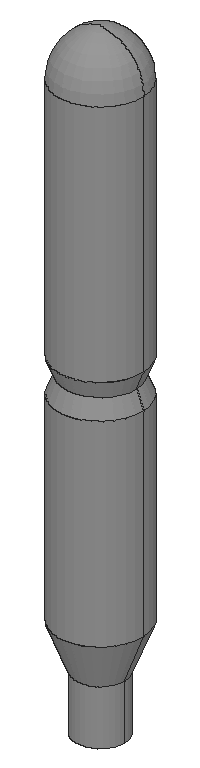
Revit family "CLS", category Pipe Accessories, Revit 2013
Parameters (values of type "AA")
  URL = "www.mifab.com"
  SWT Connection = 0' - 0 1/2"
  Model = "CLS"
  Manufacturer = "Mifab"
  Length = 0' - 6 1/2"
  Material = Copper
  Diameter = 0' - 0 7/8"
  Description = "Piston Operated Water Hammer Arrestor With SWT Connection"
  Assembly Code = ""
Types (9): name | SWT Connection | Length | Material | Diameter
  (no name) | 0' - 0 1/2" | 0' - 6 1/2" | Copper | 0' - 0 7/8"
  AA | 0' - 0 1/2" | 0' - 6 1/2" | Copper | 0' - 0 7/8"
  AA- | 0' - 0 3/4" | 0' - 6 1/2" | Metal-Watts-Copper | 0' - 0 7/8"
  A | 0' - 0 1/2" | 0' - 8 1/4" | Metal-Watts-Copper | 0' - 1 1/8"
  B | 0' - 0 3/4" | 0' - 10" | Metal-Watts-Copper | 0' - 1 1/8"
  C | 0' - 1" | 1' - 0 1/2" | Metal-Watts-Copper | 0' - 1 3/8"
  D | 0' - 1" | 0' - 11" | Metal-Watts-Copper | 0' - 2 1/8"
  E | 0' - 1" | 1' - 1 1/2" | Metal-Watts-Copper | 0' - 2 1/8"
  F | 0' - 1" | 1' - 4" | Metal-Watts-Copper | 0' - 2 1/8"
Reference planes (in)
  plane 1 "Center (Front/Back)": y = 0
  plane 2: z = 0
  plane 3 "Center (Left/Right)": x = 0
  plane 4: z = 6.5
  plane 5: x = -0.25
  plane 6: x = 0.25
  plane 7: x = -0.4375
  plane 8: x = 0.4375
  plane 9: z = 3.25
Forms (in)
  Revolve 1, solid, material "Copper" <- "Material"
    sketch origin (0.07802, 0, -0.07322) x (1, 0, 0) y (0, 0, 1)
      loop
        line (0.17198, 0.07322) -> (0.17198, 0.63468) -> (0.35948, 1.09722) -> (0.35948, 3.14645) -> (0.28788, 3.32322) -> (0.35948, 3.5) -> (0.35948, 6)
        arc (0.35948, 6) -> (0.23467, 6.33219) -> (-0.07802, 6.5) r 0.50446
        line (-0.07802, 6.5) -> (-0.07802, 0.07322) -> (0.17198, 0.07322)
      axis (-0.07802, 6.5) -> (-0.07802, 0.07322)
    angle from 0 to 360
Dimensions and locks (in)
  equal spacing: plane 7, plane 3 "Center (Left/Right)", plane 8
  "Diameter": plane 7 to plane 8
  equal spacing: plane 6, plane 3 "Center (Left/Right)", plane 5
  "SWT Connection": plane 6 to plane 5
  equal spacing: plane 4, plane 9, level
  "Length": plane 4 to level
  aligned and locked: Revolve 1 sketch curve to plane 3 "Center (Left/Right)"  (x2)
  aligned and locked: plane 7 to Revolve 1
  aligned and locked: plane 8 to Revolve 1
  aligned and locked: plane 6 to Revolve 1 sketch curve
  aligned and locked: plane 9 to Revolve 1
  aligned and locked: level to Revolve 1 sketch curve
Automatic sketch dimensions
  Revolve 1 sketch curve to plane 9 = 0' - 0"
  plane 8 to Revolve 1 sketch curve = 0' - 0"  (x2)
  plane 8 to Revolve 1 sketch curve = 0' - 0.07161"
  Revolve 1 sketch curve to plane 3 "Center (Left/Right)" = 0' - 0.06696"
  level to Revolve 1 sketch curve = 0' - 0.56146"
  Revolve 1 sketch curve to Revolve 1 sketch curve = 0' - 0.46254"
  Revolve 1 sketch curve to plane 9 = 0' - 0.17678"
  plane 9 to Revolve 1 sketch curve = 0' - 0.17678"
  Revolve 1 sketch curve to plane 4 = 0' - 0.57322"
  Revolve 1 sketch curve to Revolve 1 sketch curve = 0' - 2.74536"
  plane 4 to Revolve 1 sketch curve = 0' - 1.17678"
Connectors (in)
  piping at (0, 0, 0)
    settings: on Revolve 1, index 1, connector radius 1/4", flow factor 0, pipe flow 0 GPM, pressure drop 0.00 psi, fitting loss kfactor 0, connector angle 0.00°, fixture units 0, engagement length 0' - 0", flow configuration 1, flow direction 1, fitting loss method 0, system type 29, joint type 0, gender type 0, connector reference index -1, connector utility 0, adjustable connector no, is connector primary yes, fitting loss table "", connector description "In"
